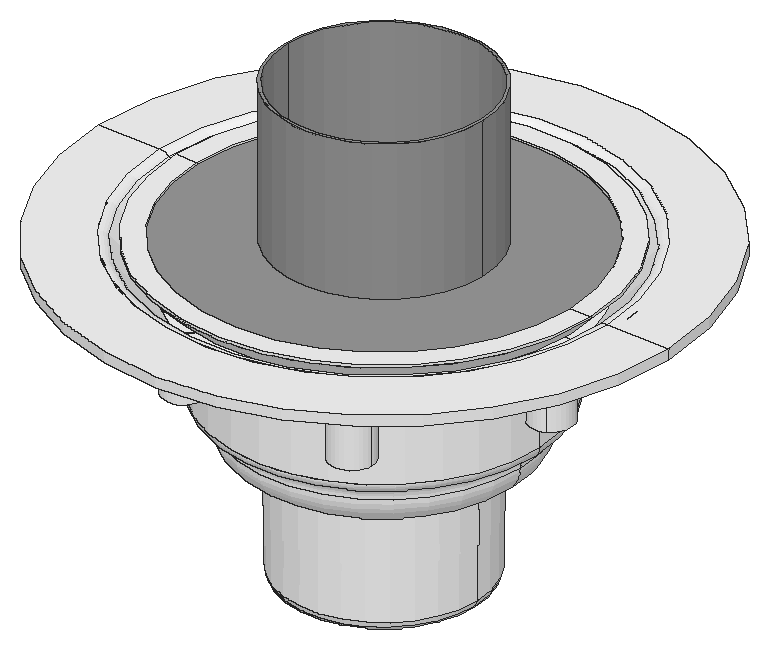
Revit family "3000.116 Down Pipe Junction", category Plumbing Fixtures, Revit 2016
Family settings
  Part Type = Normal
  Round Connector Dimension = Use Diameter
  OmniClass Number = 23.13.41.39
  OmniClass Title = Roof Drains
  Work Plane-Based = No
  Always vertical = Yes
  Cut with Voids When Loaded = No
  Shared = No
  Room Calculation Point = No
Parameters (values of type "80x80")
  Waste Connection = yes
  Vent Connection = no
  URL = "www.aquaknight.co.nz"
  Phone = "+6498322214"  # constant formula
  Model = "3000.116"
  Manufacturer = "Aquanight Industries Ltd"  # constant formula
  HW Connection = no
  Email = "info@aquaknight.co.nz"  # constant formula
  Description = "DownPipe Junction 80x80 non-vented"
  Connector Diameter = 80 mm
  CW Connection = no
Reference planes
  plane 1 "Center (Front/Back)": y = 0
  plane 2: z = 0
  plane 3 "Center (Left/Right)": x = 0
  plane 4: z = -98.753
Forms (mm)
  Revolve 1, solid, material "Plastic, Glossy White"
    sketch origin (0, 0, -4) x (1, 0, 0) y (0, 0, 1)
      loop
        line (72.865, -12.5) -> (58.876, -12.5) -> (58.545, -50.494)
        arc (58.545, -50.494) -> (53.358, -54.057) -> (51.326, -60.012) r 10
        arc (51.326, -60.012) -> (49.201, -65.373) -> (44.024, -67.912) r 8
        line (44.024, -67.912) -> (39.709, -68.289)
        arc (39.709, -68.289) -> (35.83, -70.193) -> (34.235, -74.209) r 6
        line (34.235, -74.209) -> (33.849, -117.432) -> (35.798, -117.432)
        arc (35.798, -117.432) -> (36.673, -117.149) -> (37.217, -116.408) r 1.5
        line (37.217, -116.408) -> (37.876, -114.432) -> (38.235, -74.246)
        arc (38.235, -74.246) -> (38.768, -72.907) -> (40.063, -72.274) r 2
        line (40.063, -72.274) -> (44.372, -71.897)
        arc (44.372, -71.897) -> (52.138, -68.088) -> (55.326, -60.047) r 12
        arc (55.326, -60.047) -> (56.608, -56.392) -> (59.856, -54.282) r 6
        arc (59.856, -54.282) -> (62.032, -52.862) -> (62.876, -50.404) r 4
        line (62.876, -50.404) -> (62.876, -19.5) -> (74.07, -19.5)
        arc (74.07, -19.5) -> (76.898, -18.328) -> (78.07, -15.5) r 4
        line (78.07, -15.5) -> (78.07, -13.768)
        arc (78.07, -13.768) -> (78.244, -12.852) -> (78.742, -12.063) r 2.5
        line (78.742, -12.063) -> (89.249, -0.795)
        arc (89.249, -0.795) -> (90.081, -0.207) -> (91.078, 0) r 2.5
        line (91.078, 0) -> (115.126, 0) -> (115.126, 4) -> (90.425, 4)
        arc (90.425, 4) -> (88.432, 3.585) -> (86.769, 2.41) r 5
        line (86.769, 2.41) -> (72.865, -12.5)
      loop
        line (36.626, -4.5) -> (75.626, -4.5) -> (83.653, 3.527) -> (83.653, 4.5) -> (75.376, 4.5) -> (75.376, 0) -> (36.626, 0) -> (36.626, -4.5)
      axis (0, 4.5) -> (0, -117.432)
    angle from 0 to 360
  Extrusion 2, solid, material "Plastic, Glossy White", detail levels fine
    sketch origin (0, 0, -4) x (1, 0, 0) y (0, 1, 0)
      loop
        circle (67.55, 0) r 8.2
      loop
        circle (33.775, 58.5) r 8.2
      loop
        circle (33.775, -58.5) r 8.2
      loop
        circle (-67.55, 0) r 8.2
      loop
        circle (-33.775, 58.5) r 8.2
      loop
        circle (-33.775, -58.5) r 8.2
    from -38.379 to -12.5
  Extrusion 3, solid, material "Stainless Steel", detail levels medium+fine
    sketch origin (0, -279.02, 0) x (1, 0, 0) y (0, 1, 0)
      loop
        circle (0, 279.02) r 75.25
      loop
        circle (0, 279.02) r 40
    from -4 to 0
  Extrusion 4, solid, material "Stainless Steel"
    sketch origin (0, 0, 0) x (1, 0, 0) y (0, 1, 0)
      loop
        circle (0, 0) r 40
      loop
        circle (0, 0) r 39
    from -14 to 56
Lines and regions (mm)
  model lines, detail levels fine
    curve 1: circle (53.5, 92.665, 0) r 4.5 normal (0, 0, 1)
    curve 2: circle (107, 0, 0) r 4.5 normal (0, 0, -1)
    curve 3: circle (53.5, -92.665, 0) r 4.5 normal (0, 0, -1)
    curve 4: circle (-53.5, 92.665, 0) r 4.5 normal (0, 0, -1)
    curve 5: circle (-107, 0, 0) r 4.5 normal (0, 0, 1)
    curve 6: circle (-53.5, -92.665, 0) r 4.5 normal (0, 0, 1)
Dimensions and locks
  level to plane 4 = 98.753 mm
  locked: connector elem to plane 1 "Center (Front/Back)" at 0
  locked: connector elem to plane 3 "Center (Left/Right)" at 0
  aligned and locked: level to plane 2
Connectors
  piping at (0, 0, -98.753), diameter 80, driven by "Connector Diameter"
    settings: on plane 4, index 1, connector inside diameter 609.6 mm, connector length 0 mm, flow factor 0, pipe flow 0.0 L/s, pressure drop 0.0 Pa, fitting loss kfactor 0, connector angle 0.00°, fixture units 0, engagement length 0 mm, angle of deflection 0.00°, flow configuration 0, flow direction 0, fitting loss method 0, system type 28, joint type 0, gender type 0, connector reference index -1, connector utility 0, adjustable connector no, is connector primary yes, connector description ""
